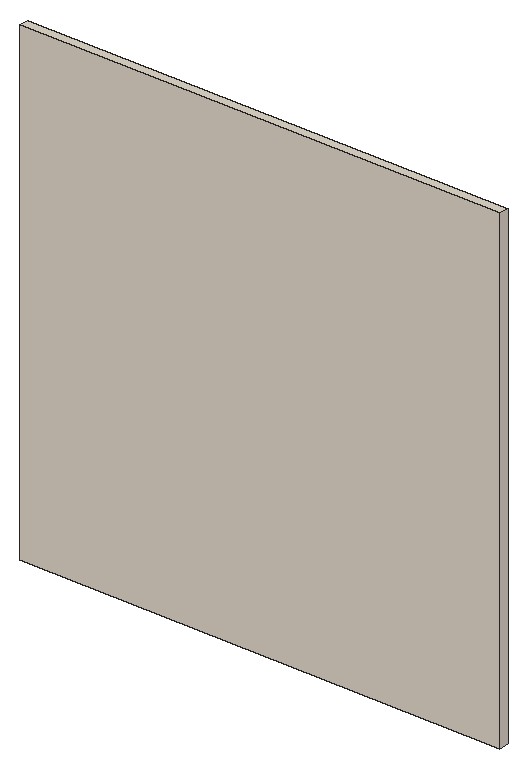
Revit family "LISTON TERMAL AROMA MULTICOLOR CU_453791791", category Modelos genéricos, Revit 2024
Family settings
  Puede alojar armadura = No
  Cota de conector redondo = Usar diámetro
  Tipo de pieza = Normal
  Se basa en plano de trabajo = No
  Siempre vertical = Sí
  Corte con vacíos al cargar = No
  Mantener orientación de anotación = No
  Compartido = No
  Punto de cálculo de habitación = No
Parameters
  Elevación por defecto = 0 mm
Reference planes
  plane 1 "Center (Front/Back)": y = 0
  plane 2: z = 0
  plane 3 "Center (Left/Right)": x = 0
Forms (mm)
  Extrusion 1, solid, material "Analytical Panels"
    sketch origin (0, 0, 0) x (1, 0, 0) y (0, 1, 0)
      loop
        line (-1366.384, -136.448) -> (-1366.384, -194.576) -> (1633.616, -194.576) -> (1633.616, -136.448) -> (-1366.384, -136.448)
    from 0 to 3000
Dimensions and locks
  Extrusion 1 sketch curve to Extrusion 1 sketch curve = 58.128 mm
  Extrusion 1 to Extrusion 1 = 3000 mm  (x2)
  aligned and locked: level to plane 2
